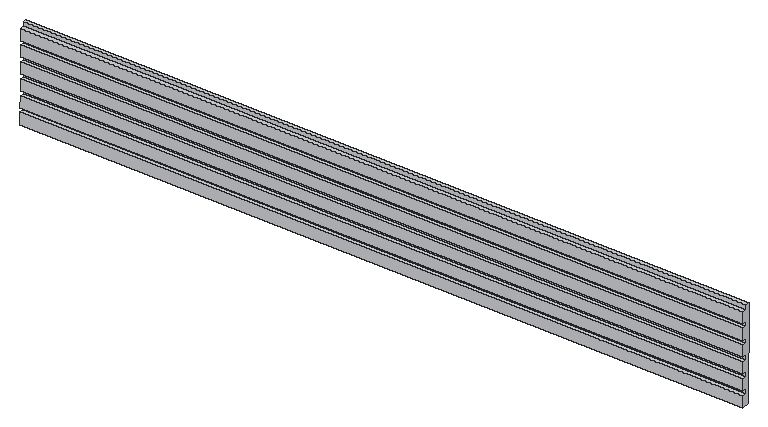
Revit family "OracDecor_W111", category Обобщенные модели, Revit 2019
Family settings
  Может служить основой для арматурных стержней = Нет
  Размер круглого соединителя = Использовать диаметр
  Тип детали = Нормальный
  На основе рабочей плоскости = Нет
  Всегда вертикально = Да
  При загрузке вырезать с полостями = Нет
  Общий = Нет
  Точка расчета площади = Нет
Parameters
  Изготовитель = "Family from POCHERTEAM"  # constant formula
  URL = "t.me/pocherteam"
Reference planes
  plane 1 "По центру (Вперед/Назад)": y = 0
  plane 2: z = 0
  plane 3 "По центру (Влево/Вправо)": x = 0
Forms (mm)
  Extrusion 1, solid
    sketch origin (0, 0, 0) x (0, 1, 0) y (0, 0, 1)
      loop
        line (0, 0) -> (0, 250) -> (-8, 250) -> (-8, 238.333) -> (-20, 238.333) -> (-20, 208.333) -> (-8, 208.333) -> (-8, 196.667) -> (-20, 196.667) -> (-20, 166.667) -> (-8, 166.667) -> (-8, 155) -> (-20, 155) -> (-20, 125) -> (-8, 125) -> (-8, 113.333) -> (-20, 113.333) -> (-20, 83.333) -> (-8, 83.333) -> (-8, 71.667) -> (-20, 71.667) -> (-20, 41.667) -> (-8, 41.667) -> (-8, 30) -> (-20, 30) -> (-20, 0) -> (0, 0)
    from 0 to 2000
Dimensions and locks
  plane 3 "По центру (Влево/Вправо)" to Extrusion 1 = 2000 mm
  Extrusion 1 to level = 250 mm
  Extrusion 1 to plane 3 "По центру (Влево/Вправо)" = 2000 mm
  aligned and locked: level to plane 2
